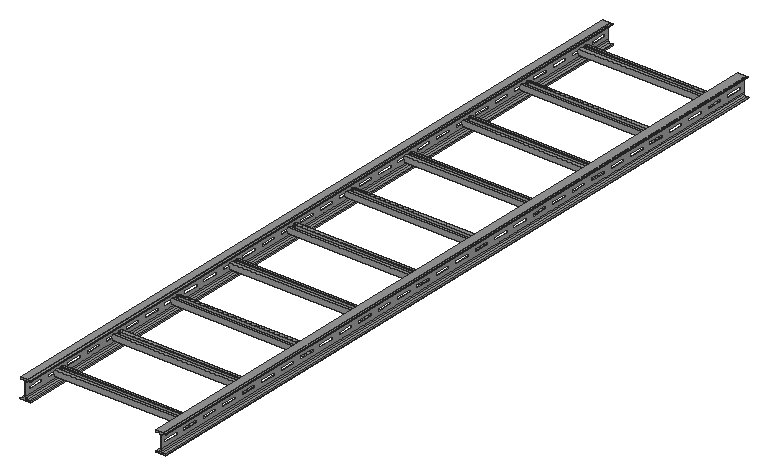
Revit family "Steigeleiter SLS80C40F 60FT", category Generic Models, Revit 2017
Family settings
  Can host rebar = No
  Round Connector Dimension = Use Diameter
  Part Type = Normal
  Work Plane-Based = No
  Always vertical = Yes
  Cut with Voids When Loaded = No
  Shared = No
  Room Calculation Point = No
Parameters (values of type "SLS80C40F 60 FT")
  Width = 600 mm
  URL = "http://www.obo-bettermann.com"
  Material = Hot dip galvanised
  Manufacturer Art.No. = "6010121"
  Manufacturer = "OBO BETTERMANN"
  GTIN = "4012196960026"
  Cut's number 2 = 30
  Cut's number = 10
  Article Type = "SLS80C40F 60 FT"
Reference planes
  plane 1 "Center (Front/Back)": y = 0
  plane 2: z = 0
  plane 3 "Center (Left/Right)": x = 0
  plane 4: z = 80
  plane 5: x = 42
  plane 6: x = 21
  plane 7: x = 39.7
  plane 8: x = 2.3
  plane 9: x = 2.3
  plane 10: x = 39.7
  plane 11: y = 3000
  plane 12: y = 165
  plane 13: x = 18.948
  plane 14: x = 23.005
  plane 15: z = 40
  plane 16: y = 2987
  plane 17: y = 2987
  plane 18: z = 28.487
  plane 19: z = 28.487
  plane 20: z = 28.75
  plane 21: z = 75.31
  plane 22: z = 73.38
  plane 23: z = 4.69
  plane 24: z = 6.62
  plane 25: x = 600
  plane 26: x = 300
  plane 27: z = 80
  plane 28: x = 558
  plane 29: x = 579
  plane 30: x = 560.3
  plane 31: x = 597.7
  plane 32: x = 597.7
  plane 33: x = 560.3
  plane 34: z = 75.31
  plane 35: z = 73.38
  plane 36: z = 4.69
  plane 37: z = 6.62
  plane 38: y = 165
  plane 39: z = 40.232
  plane 40: z = 51.482
  plane 41: z = 28.982
  plane 42: y = 185
  plane 43: y = 145
  plane 44: y = 156
  plane 45: y = 174
  plane 46: y = 465
  plane 47: z = 40.232
  plane 48: z = 51.482
  plane 49: z = 28.982
  plane 50: y = 485
  plane 51: y = 445
  plane 52: y = 456
  plane 53: y = 474
  plane 54: y = 765
  plane 55: z = 40.232
  plane 56: z = 51.482
  plane 57: z = 28.982
  plane 58: y = 785
  plane 59: y = 745
  plane 60: y = 756
  plane 61: y = 774
  plane 62: y = 1065
  plane 63: z = 40.232
  plane 64: z = 51.482
  plane 65: z = 28.982
  plane 66: y = 1085
  plane 67: y = 1045
  plane 68: y = 1056
  plane 69: y = 1074
  plane 70: y = 1365
  plane 71: z = 40.232
  plane 72: z = 51.482
  plane 73: z = 28.982
  plane 74: y = 1385
  plane 75: y = 1345
  plane 76: y = 1356
  plane 77: y = 1374
  plane 78: y = 1665
  plane 79: z = 40.232
  plane 80: z = 51.482
  plane 81: z = 28.982
  plane 82: y = 1685
  plane 83: y = 1645
  plane 84: y = 1656
  plane 85: y = 1674
  plane 86: y = 1965
  plane 87: z = 40.232
  plane 88: z = 51.482
  plane 89: z = 28.982
  plane 90: y = 1985
  plane 91: y = 1945
  plane 92: y = 1956
  plane 93: y = 1974
  plane 94: y = 2265
  plane 95: z = 40.232
  plane 96: z = 51.482
  plane 97: z = 28.982
  plane 98: y = 2285
  plane 99: y = 2245
  plane 100: y = 2256
  plane 101: y = 2274
  plane 102: y = 2565
  plane 103: z = 40.232
  plane 104: z = 51.482
  plane 105: z = 28.982
  plane 106: y = 2585
  plane 107: y = 2545
  plane 108: y = 2556
  plane 109: y = 2574
  plane 110: y = 2865
  plane 111: z = 40.232
  plane 112: z = 51.482
  plane 113: z = 28.982
  plane 114: y = 2885
  plane 115: y = 2845
  plane 116: y = 2856
  plane 117: y = 2874
Forms (mm)
  Extrusion 1, solid, material "Hot dip galvanised" <- "Material"
    sketch origin (0, 0, 0) x (1, 0, 0) y (0, 0, 1)
      loop
        line (0, 80) -> (0, 77.606)
        arc (0, 77.606) -> (0.674, 75.979) -> (2.3, 75.306) r 2.3
        line (2.3, 75.306) -> (15.534, 73.775)
        arc (15.534, 73.775) -> (17.971, 72.509) -> (18.948, 69.943) r 3.858
        line (18.948, 69.943) -> (18.948, 64.602) -> (18.948, 16.62) -> (18.948, 10.114)
        arc (18.948, 10.114) -> (17.951, 7.521) -> (15.472, 6.266) r 3.868
        line (15.472, 6.266) -> (2.135, 4.908)
        arc (2.135, 4.908) -> (0.511, 4.068) -> (0, 2.313) r 2.318
        line (0, 2.313) -> (0, 0) -> (42.017, 0) -> (42.017, 2.595)
        arc (42.017, 2.595) -> (41.419, 4.149) -> (39.933, 4.902) r 2.318
        line (39.933, 4.902) -> (26.502, 6.265)
        arc (26.502, 6.265) -> (24.009, 7.527) -> (23.005, 10.134) r 3.889
        line (23.005, 10.134) -> (23.005, 18.934) -> (23.005, 65.175) -> (23.005, 69.905)
        arc (23.005, 69.905) -> (23.994, 72.499) -> (26.457, 73.778) r 3.899
        line (26.457, 73.778) -> (39.695, 75.306)
        arc (39.695, 75.306) -> (41.416, 76.071) -> (42, 77.861) r 2.317
        line (42, 77.861) -> (42, 80) -> (0, 80)
    from -3000 to 0
  Extrusion 2, void
    sketch origin (0, 0, 0) x (0, 1, 0) y (0, 0, 1)
      loop
        line (2983, 33) -> (2983, 47) -> (2913, 47) -> (2913, 33) -> (2983, 33)
    from 18.987 to 23
  Extrusion 3, void
    sketch origin (0.098, 0, 0) x (0, 1, 0) y (0, 0, 1)
      loop
        line (83, 47) -> (13, 47) -> (13, 33) -> (83, 33) -> (83, 47)
    from 18.889 to 23
  Extrusion 4, void
    sketch origin (0, 100, 0) x (0, 1, 0) y (0, 0, 1)
      loop
        line (83, 47) -> (13, 47) -> (13, 33) -> (83, 33) -> (83, 47)
    from 18.889 to 23
  Extrusion 5, void
    sketch origin (0, 200, 0) x (0, 1, 0) y (0, 0, 1)
      loop
        line (83, 47) -> (13, 47) -> (13, 33) -> (83, 33) -> (83, 47)
    from 18.889 to 23
  Extrusion 6, void
    sketch origin (0, 300, 0) x (0, 1, 0) y (0, 0, 1)
      loop
        line (83, 47) -> (13, 47) -> (13, 33) -> (83, 33) -> (83, 47)
    from 18.889 to 23
  Extrusion 7, void
    sketch origin (0, 400, 0) x (0, 1, 0) y (0, 0, 1)
      loop
        line (83, 47) -> (13, 47) -> (13, 33) -> (83, 33) -> (83, 47)
    from 18.889 to 23
  Extrusion 8, void
    sketch origin (0, 500, 0) x (0, 1, 0) y (0, 0, 1)
      loop
        line (83, 47) -> (13, 47) -> (13, 33) -> (83, 33) -> (83, 47)
    from 18.889 to 23
  Extrusion 9, void
    sketch origin (0, 600, 0) x (0, 1, 0) y (0, 0, 1)
      loop
        line (83, 47) -> (13, 47) -> (13, 33) -> (83, 33) -> (83, 47)
    from 18.889 to 23
  Extrusion 10, void
    sketch origin (0, 700, 0) x (0, 1, 0) y (0, 0, 1)
      loop
        line (83, 47) -> (13, 47) -> (13, 33) -> (83, 33) -> (83, 47)
    from 18.889 to 23
  Extrusion 11, void
    sketch origin (0, 800, 0) x (0, 1, 0) y (0, 0, 1)
      loop
        line (83, 47) -> (13, 47) -> (13, 33) -> (83, 33) -> (83, 47)
    from 18.889 to 23
  Extrusion 12, void
    sketch origin (0, 900, 0) x (0, 1, 0) y (0, 0, 1)
      loop
        line (83, 47) -> (13, 47) -> (13, 33) -> (83, 33) -> (83, 47)
    from 18.889 to 23
  Extrusion 13, void
    sketch origin (0, 1000, 0) x (0, 1, 0) y (0, 0, 1)
      loop
        line (83, 47) -> (13, 47) -> (13, 33) -> (83, 33) -> (83, 47)
    from 18.889 to 23
  Extrusion 14, void
    sketch origin (0, 1100, 0) x (0, 1, 0) y (0, 0, 1)
      loop
        line (83, 47) -> (13, 47) -> (13, 33) -> (83, 33) -> (83, 47)
    from 18.889 to 23
  Extrusion 15, void
    sketch origin (0, 1200, 0) x (0, 1, 0) y (0, 0, 1)
      loop
        line (83, 47) -> (13, 47) -> (13, 33) -> (83, 33) -> (83, 47)
    from 18.889 to 23
  Extrusion 16, void
    sketch origin (0, 1300, 0) x (0, 1, 0) y (0, 0, 1)
      loop
        line (83, 47) -> (13, 47) -> (13, 33) -> (83, 33) -> (83, 47)
    from 18.889 to 23
  Extrusion 17, void
    sketch origin (0, 1400, 0) x (0, 1, 0) y (0, 0, 1)
      loop
        line (83, 47) -> (13, 47) -> (13, 33) -> (83, 33) -> (83, 47)
    from 18.889 to 23
  Extrusion 18, void
    sketch origin (0, 1500, 0) x (0, 1, 0) y (0, 0, 1)
      loop
        line (83, 47) -> (13, 47) -> (13, 33) -> (83, 33) -> (83, 47)
    from 18.889 to 23
  Extrusion 19, void
    sketch origin (0, 1600, 0) x (0, 1, 0) y (0, 0, 1)
      loop
        line (83, 47) -> (13, 47) -> (13, 33) -> (83, 33) -> (83, 47)
    from 18.889 to 23
  Extrusion 20, void
    sketch origin (0, 1700, 0) x (0, 1, 0) y (0, 0, 1)
      loop
        line (83, 47) -> (13, 47) -> (13, 33) -> (83, 33) -> (83, 47)
    from 18.889 to 23
  Extrusion 21, void
    sketch origin (0, 1800, 0) x (0, 1, 0) y (0, 0, 1)
      loop
        line (83, 47) -> (13, 47) -> (13, 33) -> (83, 33) -> (83, 47)
    from 18.889 to 23
  Extrusion 22, void
    sketch origin (0, 1900, 0) x (0, 1, 0) y (0, 0, 1)
      loop
        line (83, 47) -> (13, 47) -> (13, 33) -> (83, 33) -> (83, 47)
    from 18.889 to 23
  Extrusion 23, void
    sketch origin (0, 2000, 0) x (0, 1, 0) y (0, 0, 1)
      loop
        line (83, 47) -> (13, 47) -> (13, 33) -> (83, 33) -> (83, 47)
    from 18.889 to 23
  Extrusion 24, void
    sketch origin (0, 2100, 0) x (0, 1, 0) y (0, 0, 1)
      loop
        line (83, 47) -> (13, 47) -> (13, 33) -> (83, 33) -> (83, 47)
    from 18.889 to 23
  Extrusion 25, void
    sketch origin (0, 2200, 0) x (0, 1, 0) y (0, 0, 1)
      loop
        line (83, 47) -> (13, 47) -> (13, 33) -> (83, 33) -> (83, 47)
    from 18.889 to 23
  Extrusion 26, void
    sketch origin (0, 2300, 0) x (0, 1, 0) y (0, 0, 1)
      loop
        line (83, 47) -> (13, 47) -> (13, 33) -> (83, 33) -> (83, 47)
    from 18.889 to 23
  Extrusion 27, void
    sketch origin (0, 2400, 0) x (0, 1, 0) y (0, 0, 1)
      loop
        line (83, 47) -> (13, 47) -> (13, 33) -> (83, 33) -> (83, 47)
    from 18.889 to 23
  Extrusion 28, void
    sketch origin (0, 2500, 0) x (0, 1, 0) y (0, 0, 1)
      loop
        line (83, 47) -> (13, 47) -> (13, 33) -> (83, 33) -> (83, 47)
    from 18.889 to 23
  Extrusion 29, void
    sketch origin (0, 2600, 0) x (0, 1, 0) y (0, 0, 1)
      loop
        line (83, 47) -> (13, 47) -> (13, 33) -> (83, 33) -> (83, 47)
    from 18.889 to 23
  Extrusion 30, void
    sketch origin (0, 2700, 0) x (0, 1, 0) y (0, 0, 1)
      loop
        line (83, 47) -> (13, 47) -> (13, 33) -> (83, 33) -> (83, 47)
    from 18.889 to 23
  Extrusion 31, void
    sketch origin (0, 2800, 0) x (0, 1, 0) y (0, 0, 1)
      loop
        line (83, 47) -> (13, 47) -> (13, 33) -> (83, 33) -> (83, 47)
    from 18.889 to 23
  Extrusion 32, solid, material "Hot dip galvanised" <- "Material"
    sketch origin (600, 0, 0) x (-1, 0, 0) y (0, 0, -1)
      loop
        line (0, -80) -> (42, -80) -> (42, -77.861)
        arc (42, -77.861) -> (41.416, -76.071) -> (39.695, -75.306) r 2.317
        line (39.695, -75.306) -> (26.457, -73.778)
        arc (26.457, -73.778) -> (23.994, -72.499) -> (23.005, -69.905) r 3.899
        line (23.005, -69.905) -> (23.005, -65.175) -> (23.005, -18.934) -> (23.005, -10.134)
        arc (23.005, -10.134) -> (24.009, -7.527) -> (26.502, -6.265) r 3.889
        line (26.502, -6.265) -> (39.933, -4.902)
        arc (39.933, -4.902) -> (41.419, -4.149) -> (42.017, -2.595) r 2.318
        line (42.017, -2.595) -> (42.017, 0) -> (0, 0) -> (0, -2.313)
        arc (0, -2.313) -> (0.511, -4.068) -> (2.135, -4.908) r 2.318
        line (2.135, -4.908) -> (15.472, -6.266)
        arc (15.472, -6.266) -> (17.951, -7.521) -> (18.948, -10.114) r 3.868
        line (18.948, -10.114) -> (18.948, -16.62) -> (18.948, -64.602) -> (18.948, -69.943)
        arc (18.948, -69.943) -> (17.971, -72.509) -> (15.534, -73.775) r 3.858
        line (15.534, -73.775) -> (2.3, -75.306)
        arc (2.3, -75.306) -> (0.674, -75.979) -> (0, -77.606) r 2.3
        line (0, -77.606) -> (0, -80)
    from -3000 to 0
  Extrusion 33, void
    sketch origin (0, 0, 0) x (0, 1, 0) y (0, 0, 1)
      loop
        line (13, 47) -> (13, 33) -> (83, 33) -> (83, 47) -> (13, 47)
    from 576.995 to 581.052
  Extrusion 34, void
    sketch origin (0, 100, 0) x (0, 1, 0) y (0, 0, 1)
      loop
        line (13, 47) -> (13, 33) -> (83, 33) -> (83, 47) -> (13, 47)
    from 576.995 to 581.052
  Extrusion 35, void
    sketch origin (0, 200, 0) x (0, 1, 0) y (0, 0, 1)
      loop
        line (13, 47) -> (13, 33) -> (83, 33) -> (83, 47) -> (13, 47)
    from 576.995 to 581.052
  Extrusion 36, void
    sketch origin (0, 300, 0) x (0, 1, 0) y (0, 0, 1)
      loop
        line (13, 47) -> (13, 33) -> (83, 33) -> (83, 47) -> (13, 47)
    from 576.995 to 581.052
  Extrusion 37, void
    sketch origin (0, 400, 0) x (0, 1, 0) y (0, 0, 1)
      loop
        line (13, 47) -> (13, 33) -> (83, 33) -> (83, 47) -> (13, 47)
    from 576.995 to 581.052
  Extrusion 38, void
    sketch origin (0, 500, 0) x (0, 1, 0) y (0, 0, 1)
      loop
        line (13, 47) -> (13, 33) -> (83, 33) -> (83, 47) -> (13, 47)
    from 576.995 to 581.052
  Extrusion 39, void
    sketch origin (0, 600, 0) x (0, 1, 0) y (0, 0, 1)
      loop
        line (13, 47) -> (13, 33) -> (83, 33) -> (83, 47) -> (13, 47)
    from 576.995 to 581.052
  Extrusion 40, void
    sketch origin (0, 700, 0) x (0, 1, 0) y (0, 0, 1)
      loop
        line (13, 47) -> (13, 33) -> (83, 33) -> (83, 47) -> (13, 47)
    from 576.995 to 581.052
  Extrusion 41, void
    sketch origin (0, 800, 0) x (0, 1, 0) y (0, 0, 1)
      loop
        line (13, 47) -> (13, 33) -> (83, 33) -> (83, 47) -> (13, 47)
    from 576.995 to 581.052
  Extrusion 42, void
    sketch origin (0, 900, 0) x (0, 1, 0) y (0, 0, 1)
      loop
        line (13, 47) -> (13, 33) -> (83, 33) -> (83, 47) -> (13, 47)
    from 576.995 to 581.052
  Extrusion 43, void
    sketch origin (0, 1000, 0) x (0, 1, 0) y (0, 0, 1)
      loop
        line (13, 47) -> (13, 33) -> (83, 33) -> (83, 47) -> (13, 47)
    from 576.995 to 581.052
  Extrusion 44, void
    sketch origin (0, 1100, 0) x (0, 1, 0) y (0, 0, 1)
      loop
        line (13, 47) -> (13, 33) -> (83, 33) -> (83, 47) -> (13, 47)
    from 576.995 to 581.052
  Extrusion 45, void
    sketch origin (0, 1200, 0) x (0, 1, 0) y (0, 0, 1)
      loop
        line (13, 47) -> (13, 33) -> (83, 33) -> (83, 47) -> (13, 47)
    from 576.995 to 581.052
  Extrusion 46, void
    sketch origin (0, 1300, 0) x (0, 1, 0) y (0, 0, 1)
      loop
        line (13, 47) -> (13, 33) -> (83, 33) -> (83, 47) -> (13, 47)
    from 576.995 to 581.052
  Extrusion 47, void
    sketch origin (0, 1400, 0) x (0, 1, 0) y (0, 0, 1)
      loop
        line (13, 47) -> (13, 33) -> (83, 33) -> (83, 47) -> (13, 47)
    from 576.995 to 581.052
  Extrusion 48, void
    sketch origin (0, 1500, 0) x (0, 1, 0) y (0, 0, 1)
      loop
        line (13, 47) -> (13, 33) -> (83, 33) -> (83, 47) -> (13, 47)
    from 576.995 to 581.052
  Extrusion 49, void
    sketch origin (0, 1600, 0) x (0, 1, 0) y (0, 0, 1)
      loop
        line (13, 47) -> (13, 33) -> (83, 33) -> (83, 47) -> (13, 47)
    from 576.995 to 581.052
  Extrusion 50, void
    sketch origin (0, 1700, 0) x (0, 1, 0) y (0, 0, 1)
      loop
        line (13, 47) -> (13, 33) -> (83, 33) -> (83, 47) -> (13, 47)
    from 576.995 to 581.052
  Extrusion 51, void
    sketch origin (0, 1800, 0) x (0, 1, 0) y (0, 0, 1)
      loop
        line (13, 47) -> (13, 33) -> (83, 33) -> (83, 47) -> (13, 47)
    from 576.995 to 581.052
  Extrusion 52, void
    sketch origin (0, 1900, 0) x (0, 1, 0) y (0, 0, 1)
      loop
        line (13, 47) -> (13, 33) -> (83, 33) -> (83, 47) -> (13, 47)
    from 576.995 to 581.052
  Extrusion 53, void
    sketch origin (0, 2000, 0) x (0, 1, 0) y (0, 0, 1)
      loop
        line (13, 47) -> (13, 33) -> (83, 33) -> (83, 47) -> (13, 47)
    from 576.995 to 581.052
  Extrusion 54, void
    sketch origin (0, 2100, 0) x (0, 1, 0) y (0, 0, 1)
      loop
        line (13, 47) -> (13, 33) -> (83, 33) -> (83, 47) -> (13, 47)
    from 576.995 to 581.052
  Extrusion 55, void
    sketch origin (0, 2200, 0) x (0, 1, 0) y (0, 0, 1)
      loop
        line (13, 47) -> (13, 33) -> (83, 33) -> (83, 47) -> (13, 47)
    from 576.995 to 581.052
  Extrusion 56, void
    sketch origin (0, 2300, 0) x (0, 1, 0) y (0, 0, 1)
      loop
        line (13, 47) -> (13, 33) -> (83, 33) -> (83, 47) -> (13, 47)
    from 576.995 to 581.052
  Extrusion 57, void
    sketch origin (0, 2400, 0) x (0, 1, 0) y (0, 0, 1)
      loop
        line (13, 47) -> (13, 33) -> (83, 33) -> (83, 47) -> (13, 47)
    from 576.995 to 581.052
  Extrusion 58, void
    sketch origin (0, 2500, 0) x (0, 1, 0) y (0, 0, 1)
      loop
        line (13, 47) -> (13, 33) -> (83, 33) -> (83, 47) -> (13, 47)
    from 576.995 to 581.052
  Extrusion 59, void
    sketch origin (0, 2600, 0) x (0, 1, 0) y (0, 0, 1)
      loop
        line (13, 47) -> (13, 33) -> (83, 33) -> (83, 47) -> (13, 47)
    from 576.995 to 581.052
  Extrusion 60, void
    sketch origin (0, 2700, 0) x (0, 1, 0) y (0, 0, 1)
      loop
        line (13, 47) -> (13, 33) -> (83, 33) -> (83, 47) -> (13, 47)
    from 576.995 to 581.052
  Extrusion 61, void
    sketch origin (0, 2800, 0) x (0, 1, 0) y (0, 0, 1)
      loop
        line (13, 47) -> (13, 33) -> (83, 33) -> (83, 47) -> (13, 47)
    from 576.995 to 581.052
  Extrusion 62, void
    sketch origin (0, 2900, 0) x (0, 1, 0) y (0, 0, 1)
      loop
        line (13, 47) -> (13, 33) -> (83, 33) -> (83, 47) -> (13, 47)
    from 576.995 to 581.052
  Extrusion 63, solid, material "Hot dip galvanised" <- "Material"
    sketch origin (0, 0, 0) x (0, 1, 0) y (0, 0, 1)
      loop
        line (156, 51.482) -> (145, 51.482) -> (145, 28.982) -> (185, 28.982) -> (185, 51.482) -> (174, 51.482) -> (174, 49.482) -> (183, 49.482) -> (183, 30.982) -> (147, 30.982) -> (147, 49.482) -> (156, 49.482) -> (156, 51.482)
    from 23.005 to 576.995
  Extrusion 64, solid, material "Hot dip galvanised" <- "Material"
    sketch origin (0, 300, 0) x (0, 1, 0) y (0, 0, 1)
      loop
        line (156, 51.482) -> (145, 51.482) -> (145, 28.982) -> (185, 28.982) -> (185, 51.482) -> (174, 51.482) -> (174, 49.482) -> (183, 49.482) -> (183, 30.982) -> (147, 30.982) -> (147, 49.482) -> (156, 49.482) -> (156, 51.482)
    from 23.005 to 576.995
  Extrusion 65, solid, material "Hot dip galvanised" <- "Material"
    sketch origin (0, 600, 0) x (0, 1, 0) y (0, 0, 1)
      loop
        line (156, 51.482) -> (145, 51.482) -> (145, 28.982) -> (185, 28.982) -> (185, 51.482) -> (174, 51.482) -> (174, 49.482) -> (183, 49.482) -> (183, 30.982) -> (147, 30.982) -> (147, 49.482) -> (156, 49.482) -> (156, 51.482)
    from 23.005 to 576.995
  Extrusion 66, solid, material "Hot dip galvanised" <- "Material"
    sketch origin (0, 900, 0) x (0, 1, 0) y (0, 0, 1)
      loop
        line (156, 51.482) -> (145, 51.482) -> (145, 28.982) -> (185, 28.982) -> (185, 51.482) -> (174, 51.482) -> (174, 49.482) -> (183, 49.482) -> (183, 30.982) -> (147, 30.982) -> (147, 49.482) -> (156, 49.482) -> (156, 51.482)
    from 23.005 to 576.995
  Extrusion 67, solid, material "Hot dip galvanised" <- "Material"
    sketch origin (0, 1200, 0) x (0, 1, 0) y (0, 0, 1)
      loop
        line (156, 51.482) -> (145, 51.482) -> (145, 28.982) -> (185, 28.982) -> (185, 51.482) -> (174, 51.482) -> (174, 49.482) -> (183, 49.482) -> (183, 30.982) -> (147, 30.982) -> (147, 49.482) -> (156, 49.482) -> (156, 51.482)
    from 23.005 to 576.995
  Extrusion 68, solid, material "Hot dip galvanised" <- "Material"
    sketch origin (0, 1500, 0) x (0, 1, 0) y (0, 0, 1)
      loop
        line (156, 51.482) -> (145, 51.482) -> (145, 28.982) -> (185, 28.982) -> (185, 51.482) -> (174, 51.482) -> (174, 49.482) -> (183, 49.482) -> (183, 30.982) -> (147, 30.982) -> (147, 49.482) -> (156, 49.482) -> (156, 51.482)
    from 23.005 to 576.995
  Extrusion 69, solid, material "Hot dip galvanised" <- "Material"
    sketch origin (0, 1800, 0) x (0, 1, 0) y (0, 0, 1)
      loop
        line (156, 51.482) -> (145, 51.482) -> (145, 28.982) -> (185, 28.982) -> (185, 51.482) -> (174, 51.482) -> (174, 49.482) -> (183, 49.482) -> (183, 30.982) -> (147, 30.982) -> (147, 49.482) -> (156, 49.482) -> (156, 51.482)
    from 23.005 to 576.995
  Extrusion 70, solid, material "Hot dip galvanised" <- "Material"
    sketch origin (0, 2100, 0) x (0, 1, 0) y (0, 0, 1)
      loop
        line (156, 51.482) -> (145, 51.482) -> (145, 28.982) -> (185, 28.982) -> (185, 51.482) -> (174, 51.482) -> (174, 49.482) -> (183, 49.482) -> (183, 30.982) -> (147, 30.982) -> (147, 49.482) -> (156, 49.482) -> (156, 51.482)
    from 23.005 to 576.995
  Extrusion 71, solid, material "Hot dip galvanised" <- "Material"
    sketch origin (0, 2400, 0) x (0, 1, 0) y (0, 0, 1)
      loop
        line (156, 51.482) -> (145, 51.482) -> (145, 28.982) -> (185, 28.982) -> (185, 51.482) -> (174, 51.482) -> (174, 49.482) -> (183, 49.482) -> (183, 30.982) -> (147, 30.982) -> (147, 49.482) -> (156, 49.482) -> (156, 51.482)
    from 23.005 to 576.995
  Extrusion 72, solid, material "Hot dip galvanised" <- "Material"
    sketch origin (0, 2700, 0) x (0, 1, 0) y (0, 0, 1)
      loop
        line (156, 51.482) -> (145, 51.482) -> (145, 28.982) -> (185, 28.982) -> (185, 51.482) -> (174, 51.482) -> (174, 49.482) -> (183, 49.482) -> (183, 30.982) -> (147, 30.982) -> (147, 49.482) -> (156, 49.482) -> (156, 51.482)
    from 23.005 to 576.995
Cuts and joins
  Extrusion 2, Extrusion 3, Extrusion 4, Extrusion 5, Extrusion 6, Extrusion 7, Extrusion 8, Extrusion 9, Extrusion 10, Extrusion 11, Extrusion 12, Extrusion 13, Extrusion 14, Extrusion 15, Extrusion 16, Extrusion 17, Extrusion 18, Extrusion 19, Extrusion 20, Extrusion 21, Extrusion 22, Extrusion 23, Extrusion 24, Extrusion 25, Extrusion 26, Extrusion 27, Extrusion 28, Extrusion 29, Extrusion 30, Extrusion 31 cuts Extrusion 1
  Extrusion 33, Extrusion 34, Extrusion 35, Extrusion 36, Extrusion 37, Extrusion 38, Extrusion 39, Extrusion 40, Extrusion 41, Extrusion 42, Extrusion 43, Extrusion 44, Extrusion 45, Extrusion 46, Extrusion 47, Extrusion 48, Extrusion 49, Extrusion 50, Extrusion 51, Extrusion 52, Extrusion 53, Extrusion 54, Extrusion 55, Extrusion 56, Extrusion 57, Extrusion 58, Extrusion 59, Extrusion 60, Extrusion 61, Extrusion 62 cuts Extrusion 32
Dimensions and locks
  locked: plane 6 to Extrusion 1 sketch curve at 21
  locked: Extrusion 1 sketch curve to Extrusion 1 sketch curve at 80
  locked: Extrusion 1 sketch curve to Extrusion 1 sketch curve at 42
  locked: Extrusion 1 sketch curve to Extrusion 1 sketch curve at 42.017
  locked: plane 1 "Center (Front/Back)" to plane 11 at 3000
  locked: cut or joined group 1 (Extrusion 1, Extrusion 2, Extrusion 3, Extrusion 4, Extrusion 5, Extrusion 6, Extrusion 7, Extrusion 8, Extrusion 9, Extrusion 10, Extrusion 11, Extrusion 12, Extrusion 13, Extrusion 14, Extrusion 15, Extrusion 16, Extrusion 17, Extrusion 18, Extrusion 19, Extrusion 20, Extrusion 21, Extrusion 22, Extrusion 23, Extrusion 24, Extrusion 25, Extrusion 26, Extrusion 27, Extrusion 28, Extrusion 29, Extrusion 30, Extrusion 31) to plane 15 at 40
  Extrusion 2 sketch curve to Extrusion 2 sketch curve = 70 mm
  cut or joined group 1 to Extrusion 2 sketch curve = 17 mm
  locked: Extrusion 2 sketch curve to Extrusion 2 sketch curve at 14
  locked: Extrusion 2 sketch curve to plane 15 at 7
  locked: plane 23 to Extrusion 1 sketch curve at 4.69
  locked: cut or joined group 1 to cut or joined group 1 at 42
  locked: cut or joined group 1 to cut or joined group 1 at 42.017
  locked: cut or joined group 1 to cut or joined group 1 at 14  (x2)
  locked: cut or joined group 1 to cut or joined group 1 at 70  (x2)
  locked: plane 25 to plane 3 "Center (Left/Right)" at 600
  locked: plane 26 to plane 3 "Center (Left/Right)" at 300
  locked: plane 29 to Extrusion 32 sketch curve at 21
  locked: Extrusion 32 sketch curve to Extrusion 32 sketch curve at 80
  locked: Extrusion 32 sketch curve to Extrusion 32 sketch curve at 42
  locked: Extrusion 32 sketch curve to Extrusion 32 sketch curve at 42.017
  locked: plane 36 to Extrusion 32 sketch curve at 4.69
  equal spacing: group 30, group 31, group 32, group 33, group 34, group 35, group 36, group 37, group 38, group 39, group 40, group 41, group 42, group 43, group 44, group 45, group 46, group 47, group 48, group 49, group 50, group 51, group 52, group 53, group 54, group 55, group 56, group 57, group 58, group 59  (x3)
  locked: Extrusion 63 sketch curve to Extrusion 63 sketch curve at 22.5  (x2)
  locked: Extrusion 63 sketch curve to Extrusion 63 sketch curve at 40
  locked: Extrusion 63 sketch curve to Extrusion 63 sketch curve at 18.5  (x2)
  locked: Extrusion 64 sketch curve to Extrusion 64 sketch curve at 22.5  (x2)
  locked: Extrusion 64 sketch curve to Extrusion 64 sketch curve at 40
  locked: Extrusion 64 sketch curve to Extrusion 64 sketch curve at 18.5  (x2)
  locked: Extrusion 65 sketch curve to Extrusion 65 sketch curve at 22.5  (x2)
  locked: Extrusion 65 sketch curve to Extrusion 65 sketch curve at 40
  locked: Extrusion 65 sketch curve to Extrusion 65 sketch curve at 18.5  (x2)
  locked: Extrusion 66 sketch curve to Extrusion 66 sketch curve at 22.5  (x2)
  locked: Extrusion 66 sketch curve to Extrusion 66 sketch curve at 40
  locked: Extrusion 66 sketch curve to Extrusion 66 sketch curve at 18.5  (x2)
  locked: Extrusion 67 sketch curve to Extrusion 67 sketch curve at 22.5  (x2)
  locked: Extrusion 67 sketch curve to Extrusion 67 sketch curve at 40
  locked: Extrusion 67 sketch curve to Extrusion 67 sketch curve at 18.5  (x2)
  locked: Extrusion 68 sketch curve to Extrusion 68 sketch curve at 22.5  (x2)
  locked: Extrusion 68 sketch curve to Extrusion 68 sketch curve at 40
  locked: Extrusion 68 sketch curve to Extrusion 68 sketch curve at 18.5  (x2)
  locked: Extrusion 69 sketch curve to Extrusion 69 sketch curve at 22.5  (x2)
  locked: Extrusion 69 sketch curve to Extrusion 69 sketch curve at 40
  locked: Extrusion 69 sketch curve to Extrusion 69 sketch curve at 18.5  (x2)
  locked: Extrusion 70 sketch curve to Extrusion 70 sketch curve at 22.5  (x2)
  locked: Extrusion 70 sketch curve to Extrusion 70 sketch curve at 40
  locked: Extrusion 70 sketch curve to Extrusion 70 sketch curve at 18.5  (x2)
  locked: Extrusion 71 sketch curve to Extrusion 71 sketch curve at 22.5  (x2)
  locked: Extrusion 71 sketch curve to Extrusion 71 sketch curve at 40
  locked: Extrusion 71 sketch curve to Extrusion 71 sketch curve at 18.5  (x2)
  locked: Extrusion 72 sketch curve to Extrusion 72 sketch curve at 22.5  (x2)
  locked: Extrusion 72 sketch curve to Extrusion 72 sketch curve at 40
  locked: Extrusion 72 sketch curve to Extrusion 72 sketch curve at 18.5  (x2)
  locked: Extrusion 63 to cut or joined group 2 (Extrusion 32, Extrusion 33, Extrusion 34, Extrusion 35, Extrusion 36, Extrusion 37, Extrusion 38, Extrusion 39, Extrusion 40, Extrusion 41, Extrusion 42, Extrusion 43, Extrusion 44, Extrusion 45, Extrusion 46, Extrusion 47, Extrusion 48, Extrusion 49, Extrusion 50, Extrusion 51, Extrusion 52, Extrusion 53, Extrusion 54, Extrusion 55, Extrusion 56, Extrusion 57, Extrusion 58, Extrusion 59, Extrusion 60, Extrusion 61, Extrusion 62) at 23.005
  locked: cut or joined group 1 to Extrusion 63 at 23.005
  locked: Extrusion 64 to cut or joined group 2 at 23.005
  locked: cut or joined group 1 to Extrusion 64 at 23.005
  locked: Extrusion 65 to cut or joined group 2 at 23.005
  locked: cut or joined group 1 to Extrusion 65 at 23.005
  aligned and locked: level to plane 2
  aligned and locked: Extrusion 1 to level
  aligned and locked: plane 1 "Center (Front/Back)" to Extrusion 1
  aligned and locked: plane 11 to Extrusion 1
  aligned and locked: cut or joined group 1 to plane 3 "Center (Left/Right)"  (x2)
  aligned and locked: Extrusion 32 to Extrusion 33  (x2)
  aligned and locked: Extrusion 63 sketch curve to plane 45
  aligned and locked: Extrusion 63 to cut or joined group 2
  aligned and locked: Extrusion 63 to plane 14
  aligned and locked: Extrusion 64 sketch curve to plane 53
  aligned and locked: Extrusion 65 sketch curve to plane 61
  aligned and locked: Extrusion 66 sketch curve to plane 69
  aligned and locked: Extrusion 67 sketch curve to plane 77
  aligned and locked: Extrusion 68 sketch curve to plane 85
  aligned and locked: Extrusion 69 sketch curve to plane 93
  aligned and locked: Extrusion 70 sketch curve to plane 101
  aligned and locked: Extrusion 71 sketch curve to plane 109
  aligned and locked: Extrusion 72 sketch curve to plane 117
Automatic sketch dimensions
  Extrusion 3 sketch curve to Extrusion 3 sketch curve = 70 mm
  Extrusion 3 sketch curve to Extrusion 3 sketch curve = 14 mm
  Extrusion 4 sketch curve to Extrusion 4 sketch curve = 70 mm
  Extrusion 4 sketch curve to Extrusion 4 sketch curve = 14 mm
  Extrusion 5 sketch curve to Extrusion 5 sketch curve = 70 mm
  Extrusion 5 sketch curve to Extrusion 5 sketch curve = 14 mm
  Extrusion 6 sketch curve to Extrusion 6 sketch curve = 70 mm
  Extrusion 6 sketch curve to Extrusion 6 sketch curve = 14 mm
  Extrusion 7 sketch curve to Extrusion 7 sketch curve = 70 mm
  Extrusion 7 sketch curve to Extrusion 7 sketch curve = 14 mm
  Extrusion 8 sketch curve to Extrusion 8 sketch curve = 70 mm
  Extrusion 8 sketch curve to Extrusion 8 sketch curve = 14 mm
  Extrusion 9 sketch curve to Extrusion 9 sketch curve = 70 mm
  Extrusion 9 sketch curve to Extrusion 9 sketch curve = 14 mm
  Extrusion 10 sketch curve to Extrusion 10 sketch curve = 70 mm
  Extrusion 10 sketch curve to Extrusion 10 sketch curve = 14 mm
  Extrusion 11 sketch curve to Extrusion 11 sketch curve = 70 mm
  Extrusion 11 sketch curve to Extrusion 11 sketch curve = 14 mm
  Extrusion 12 sketch curve to Extrusion 12 sketch curve = 70 mm
  Extrusion 12 sketch curve to Extrusion 12 sketch curve = 14 mm
  Extrusion 13 sketch curve to Extrusion 13 sketch curve = 70 mm
  Extrusion 13 sketch curve to Extrusion 13 sketch curve = 14 mm
  Extrusion 14 sketch curve to Extrusion 14 sketch curve = 70 mm
  Extrusion 14 sketch curve to Extrusion 14 sketch curve = 14 mm
  Extrusion 15 sketch curve to Extrusion 15 sketch curve = 70 mm
  Extrusion 15 sketch curve to Extrusion 15 sketch curve = 14 mm
  Extrusion 16 sketch curve to Extrusion 16 sketch curve = 70 mm
  Extrusion 16 sketch curve to Extrusion 16 sketch curve = 14 mm
  Extrusion 17 sketch curve to Extrusion 17 sketch curve = 70 mm
  Extrusion 17 sketch curve to Extrusion 17 sketch curve = 14 mm
  Extrusion 18 sketch curve to Extrusion 18 sketch curve = 70 mm
  Extrusion 18 sketch curve to Extrusion 18 sketch curve = 14 mm
  Extrusion 19 sketch curve to Extrusion 19 sketch curve = 70 mm
  Extrusion 19 sketch curve to Extrusion 19 sketch curve = 14 mm
  Extrusion 20 sketch curve to Extrusion 20 sketch curve = 70 mm
  Extrusion 20 sketch curve to Extrusion 20 sketch curve = 14 mm
  Extrusion 21 sketch curve to Extrusion 21 sketch curve = 70 mm
  Extrusion 21 sketch curve to Extrusion 21 sketch curve = 14 mm
  Extrusion 22 sketch curve to Extrusion 22 sketch curve = 70 mm
  Extrusion 22 sketch curve to Extrusion 22 sketch curve = 14 mm
  Extrusion 23 sketch curve to Extrusion 23 sketch curve = 70 mm
  Extrusion 23 sketch curve to Extrusion 23 sketch curve = 14 mm
  Extrusion 24 sketch curve to Extrusion 24 sketch curve = 70 mm
  Extrusion 24 sketch curve to Extrusion 24 sketch curve = 14 mm
  Extrusion 25 sketch curve to Extrusion 25 sketch curve = 70 mm
  Extrusion 25 sketch curve to Extrusion 25 sketch curve = 14 mm
  Extrusion 26 sketch curve to Extrusion 26 sketch curve = 70 mm
  Extrusion 26 sketch curve to Extrusion 26 sketch curve = 14 mm
  Extrusion 27 sketch curve to Extrusion 27 sketch curve = 70 mm
  Extrusion 27 sketch curve to Extrusion 27 sketch curve = 14 mm
  Extrusion 28 sketch curve to Extrusion 28 sketch curve = 70 mm
  Extrusion 28 sketch curve to Extrusion 28 sketch curve = 14 mm
  Extrusion 29 sketch curve to Extrusion 29 sketch curve = 70 mm
  Extrusion 29 sketch curve to Extrusion 29 sketch curve = 14 mm
  Extrusion 30 sketch curve to Extrusion 30 sketch curve = 70 mm
  Extrusion 30 sketch curve to Extrusion 30 sketch curve = 14 mm
  Extrusion 31 sketch curve to Extrusion 31 sketch curve = 70 mm
  Extrusion 31 sketch curve to Extrusion 31 sketch curve = 14 mm
  Extrusion 1 sketch curve to plane 3 "Center (Left/Right)" = 0 mm
  Extrusion 1 sketch curve to plane 13 = 0 mm
  Extrusion 1 sketch curve to plane 14 = 0 mm
  Extrusion 1 sketch curve to plane 8 = 0.165 mm
  plane 8 to Extrusion 1 sketch curve = 0 mm
  plane 8 to Extrusion 1 sketch curve = 0.001 mm
  Extrusion 1 sketch curve to Extrusion 1 sketch curve = 3.868 mm
  Extrusion 1 sketch curve to Extrusion 1 sketch curve = 3.858 mm
  Extrusion 1 sketch curve to plane 24 = 0.354 mm
  Extrusion 1 sketch curve to plane 13 = 3.476 mm
  plane 22 to Extrusion 1 sketch curve = 0.395 mm
  Extrusion 1 sketch curve to plane 13 = 3.414 mm
  plane 22 to Extrusion 1 sketch curve = 0.398 mm
  plane 14 to Extrusion 1 sketch curve = 3.452 mm
  Extrusion 1 sketch curve to plane 24 = 0.355 mm
  plane 14 to Extrusion 1 sketch curve = 3.496 mm
  Extrusion 1 sketch curve to Extrusion 1 sketch curve = 0.393 mm
  Extrusion 1 sketch curve to plane 22 = 3.475 mm
  Extrusion 1 sketch curve to plane 7 = 0.005 mm
  Extrusion 1 sketch curve to plane 7 = 0.001 mm
  level to Extrusion 1 sketch curve = 2.313 mm
  Extrusion 1 sketch curve to plane 23 = 2.095 mm
  Extrusion 1 sketch curve to Extrusion 1 sketch curve = 6.506 mm
  Extrusion 1 sketch curve to Extrusion 1 sketch curve = 2.314 mm
  Extrusion 1 sketch curve to Extrusion 1 sketch curve = 5.34 mm
  Extrusion 1 sketch curve to Extrusion 1 sketch curve = 0.573 mm
  Extrusion 1 sketch curve to plane 21 = 0.004 mm  (x2)
  Extrusion 1 sketch curve to Extrusion 1 sketch curve = 2.317 mm
  Extrusion 32 sketch curve to plane 25 = 0 mm
  plane 31 to Extrusion 32 sketch curve = 0.165 mm
  Extrusion 32 sketch curve to plane 31 = 0 mm
  Extrusion 32 sketch curve to plane 31 = 0.001 mm
  plane 29 to Extrusion 32 sketch curve = 5.92 mm
  plane 29 to Extrusion 32 sketch curve = 5.909 mm
  plane 37 to Extrusion 32 sketch curve = 0.354 mm
  Extrusion 32 sketch curve to Extrusion 32 sketch curve = 0.392 mm
  Extrusion 32 sketch curve to plane 35 = 0.395 mm
  Extrusion 32 sketch curve to Extrusion 32 sketch curve = 0.443 mm
  plane 29 to Extrusion 32 sketch curve = 2.052 mm
  Extrusion 32 sketch curve to plane 29 = 2.005 mm
  Extrusion 32 sketch curve to plane 35 = 0.398 mm
  Extrusion 32 sketch curve to Extrusion 32 sketch curve = 3.452 mm
  plane 37 to Extrusion 32 sketch curve = 0.355 mm
  Extrusion 32 sketch curve to Extrusion 32 sketch curve = 3.496 mm
  Extrusion 32 sketch curve to Extrusion 32 sketch curve = 0.393 mm
  plane 35 to Extrusion 32 sketch curve = 3.475 mm
  plane 30 to Extrusion 32 sketch curve = 0.005 mm
  plane 30 to Extrusion 32 sketch curve = 0.001 mm
  Extrusion 32 sketch curve to level = 2.313 mm
  plane 36 to Extrusion 32 sketch curve = 2.095 mm
  Extrusion 32 sketch curve to Extrusion 32 sketch curve = 6.506 mm
  Extrusion 32 sketch curve to Extrusion 32 sketch curve = 2.314 mm
  Extrusion 32 sketch curve to Extrusion 32 sketch curve = 5.34 mm
  Extrusion 32 sketch curve to Extrusion 32 sketch curve = 0.573 mm
  plane 34 to Extrusion 32 sketch curve = 0.004 mm  (x2)
  Extrusion 32 sketch curve to Extrusion 32 sketch curve = 2.317 mm
  Extrusion 33 sketch curve to Extrusion 33 sketch curve = 70 mm
  Extrusion 33 sketch curve to Extrusion 33 sketch curve = 14 mm
  Extrusion 34 sketch curve to Extrusion 34 sketch curve = 70 mm
  Extrusion 34 sketch curve to Extrusion 34 sketch curve = 14 mm
  Extrusion 35 sketch curve to Extrusion 35 sketch curve = 70 mm
  Extrusion 35 sketch curve to Extrusion 35 sketch curve = 14 mm
  Extrusion 36 sketch curve to Extrusion 36 sketch curve = 70 mm
  Extrusion 36 sketch curve to Extrusion 36 sketch curve = 14 mm
  Extrusion 37 sketch curve to Extrusion 37 sketch curve = 70 mm
  Extrusion 37 sketch curve to Extrusion 37 sketch curve = 14 mm
  Extrusion 38 sketch curve to Extrusion 38 sketch curve = 70 mm
  Extrusion 38 sketch curve to Extrusion 38 sketch curve = 14 mm
  Extrusion 39 sketch curve to Extrusion 39 sketch curve = 70 mm
  Extrusion 39 sketch curve to Extrusion 39 sketch curve = 14 mm
  Extrusion 40 sketch curve to Extrusion 40 sketch curve = 70 mm
  Extrusion 40 sketch curve to Extrusion 40 sketch curve = 14 mm
  Extrusion 41 sketch curve to Extrusion 41 sketch curve = 70 mm
  Extrusion 41 sketch curve to Extrusion 41 sketch curve = 14 mm
  Extrusion 42 sketch curve to Extrusion 42 sketch curve = 70 mm
  Extrusion 42 sketch curve to Extrusion 42 sketch curve = 14 mm
  Extrusion 43 sketch curve to Extrusion 43 sketch curve = 70 mm
  Extrusion 43 sketch curve to Extrusion 43 sketch curve = 14 mm
  Extrusion 44 sketch curve to Extrusion 44 sketch curve = 70 mm
  Extrusion 44 sketch curve to Extrusion 44 sketch curve = 14 mm
  Extrusion 45 sketch curve to Extrusion 45 sketch curve = 70 mm
  Extrusion 45 sketch curve to Extrusion 45 sketch curve = 14 mm
  Extrusion 46 sketch curve to Extrusion 46 sketch curve = 70 mm
  Extrusion 46 sketch curve to Extrusion 46 sketch curve = 14 mm
  Extrusion 47 sketch curve to Extrusion 47 sketch curve = 70 mm
  Extrusion 47 sketch curve to Extrusion 47 sketch curve = 14 mm
  Extrusion 48 sketch curve to Extrusion 48 sketch curve = 70 mm
  Extrusion 48 sketch curve to Extrusion 48 sketch curve = 14 mm
  Extrusion 49 sketch curve to Extrusion 49 sketch curve = 70 mm
  Extrusion 49 sketch curve to Extrusion 49 sketch curve = 14 mm
  Extrusion 50 sketch curve to Extrusion 50 sketch curve = 70 mm
  Extrusion 50 sketch curve to Extrusion 50 sketch curve = 14 mm
  Extrusion 51 sketch curve to Extrusion 51 sketch curve = 70 mm
  Extrusion 51 sketch curve to Extrusion 51 sketch curve = 14 mm
  Extrusion 52 sketch curve to Extrusion 52 sketch curve = 70 mm
  Extrusion 52 sketch curve to Extrusion 52 sketch curve = 14 mm
  Extrusion 53 sketch curve to Extrusion 53 sketch curve = 70 mm
  Extrusion 53 sketch curve to Extrusion 53 sketch curve = 14 mm
  Extrusion 54 sketch curve to Extrusion 54 sketch curve = 70 mm
  Extrusion 54 sketch curve to Extrusion 54 sketch curve = 14 mm
  Extrusion 55 sketch curve to Extrusion 55 sketch curve = 70 mm
  Extrusion 55 sketch curve to Extrusion 55 sketch curve = 14 mm
  Extrusion 56 sketch curve to Extrusion 56 sketch curve = 70 mm
  Extrusion 56 sketch curve to Extrusion 56 sketch curve = 14 mm
  Extrusion 57 sketch curve to Extrusion 57 sketch curve = 70 mm
  Extrusion 57 sketch curve to Extrusion 57 sketch curve = 14 mm
  Extrusion 58 sketch curve to Extrusion 58 sketch curve = 70 mm
  Extrusion 58 sketch curve to Extrusion 58 sketch curve = 14 mm
  Extrusion 59 sketch curve to Extrusion 59 sketch curve = 70 mm
  Extrusion 59 sketch curve to Extrusion 59 sketch curve = 14 mm
  Extrusion 60 sketch curve to Extrusion 60 sketch curve = 70 mm
  Extrusion 60 sketch curve to Extrusion 60 sketch curve = 14 mm
  Extrusion 61 sketch curve to Extrusion 61 sketch curve = 70 mm
  Extrusion 61 sketch curve to Extrusion 61 sketch curve = 14 mm
  Extrusion 62 sketch curve to Extrusion 62 sketch curve = 70 mm
  Extrusion 62 sketch curve to Extrusion 62 sketch curve = 14 mm
  Extrusion 63 sketch curve to plane 43 = 0 mm
  Extrusion 63 sketch curve to plane 44 = 0 mm
  Extrusion 63 sketch curve to plane 40 = 0 mm
  Extrusion 63 sketch curve to plane 42 = 2 mm
  Extrusion 63 sketch curve to plane 40 = 2 mm
  plane 43 to Extrusion 63 sketch curve = 2 mm
  Extrusion 64 sketch curve to plane 51 = 0 mm
  Extrusion 64 sketch curve to plane 52 = 0 mm
  Extrusion 64 sketch curve to plane 48 = 0 mm
  Extrusion 64 sketch curve to plane 50 = 2 mm
  Extrusion 64 sketch curve to plane 48 = 2 mm
  plane 51 to Extrusion 64 sketch curve = 2 mm
  Extrusion 65 sketch curve to plane 59 = 0 mm
  Extrusion 65 sketch curve to plane 60 = 0 mm
  Extrusion 65 sketch curve to plane 56 = 0 mm
  Extrusion 65 sketch curve to plane 58 = 2 mm
  Extrusion 65 sketch curve to plane 56 = 2 mm
  plane 59 to Extrusion 65 sketch curve = 2 mm
  Extrusion 66 sketch curve to plane 67 = 0 mm
  Extrusion 66 sketch curve to plane 68 = 0 mm
  Extrusion 66 sketch curve to plane 64 = 0 mm
  Extrusion 66 sketch curve to plane 66 = 2 mm
  Extrusion 66 sketch curve to plane 64 = 2 mm
  plane 67 to Extrusion 66 sketch curve = 2 mm
  Extrusion 67 sketch curve to plane 75 = 0 mm
  Extrusion 67 sketch curve to plane 76 = 0 mm
  Extrusion 67 sketch curve to plane 72 = 0 mm
  Extrusion 67 sketch curve to plane 74 = 2 mm
  Extrusion 67 sketch curve to plane 72 = 2 mm
  plane 75 to Extrusion 67 sketch curve = 2 mm
  Extrusion 68 sketch curve to plane 83 = 0 mm
  Extrusion 68 sketch curve to plane 84 = 0 mm
  Extrusion 68 sketch curve to plane 80 = 0 mm
  Extrusion 68 sketch curve to plane 82 = 2 mm
  Extrusion 68 sketch curve to plane 80 = 2 mm
  plane 83 to Extrusion 68 sketch curve = 2 mm
  Extrusion 69 sketch curve to plane 91 = 0 mm
  Extrusion 69 sketch curve to plane 92 = 0 mm
  Extrusion 69 sketch curve to plane 88 = 0 mm
  Extrusion 69 sketch curve to plane 90 = 2 mm
  Extrusion 69 sketch curve to plane 88 = 2 mm
  plane 91 to Extrusion 69 sketch curve = 2 mm
  Extrusion 70 sketch curve to plane 99 = 0 mm
  Extrusion 70 sketch curve to plane 100 = 0 mm
  Extrusion 70 sketch curve to plane 96 = 0 mm
  Extrusion 70 sketch curve to plane 98 = 2 mm
  Extrusion 70 sketch curve to plane 96 = 2 mm
  plane 99 to Extrusion 70 sketch curve = 2 mm
  Extrusion 71 sketch curve to plane 107 = 0 mm
  Extrusion 71 sketch curve to plane 108 = 0 mm
  Extrusion 71 sketch curve to plane 104 = 0 mm
  Extrusion 71 sketch curve to plane 106 = 2 mm
  Extrusion 71 sketch curve to plane 104 = 2 mm
  plane 107 to Extrusion 71 sketch curve = 2 mm
  Extrusion 72 sketch curve to plane 115 = 0 mm
  Extrusion 72 sketch curve to plane 116 = 0 mm
  Extrusion 72 sketch curve to plane 112 = 0 mm
  Extrusion 72 sketch curve to plane 114 = 2 mm
  Extrusion 72 sketch curve to plane 112 = 2 mm
  plane 115 to Extrusion 72 sketch curve = 2 mm
